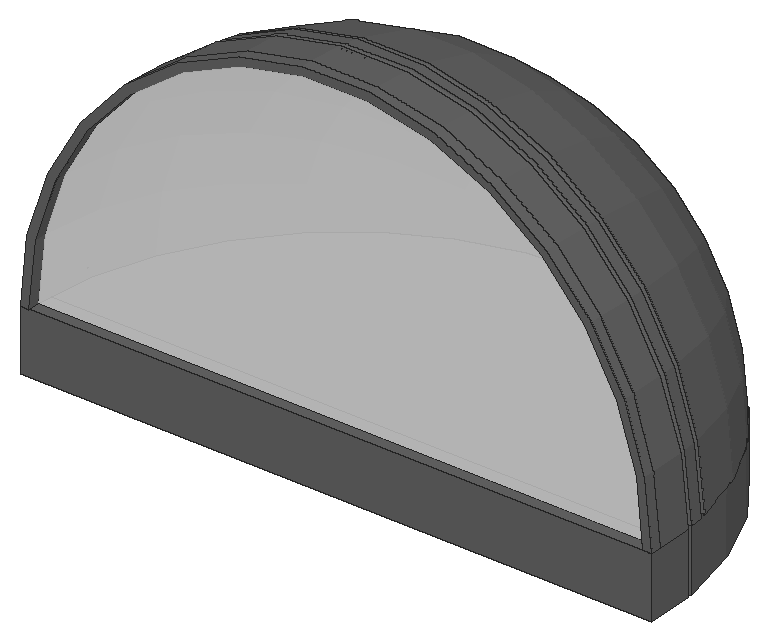
Revit family "QSP1", category Lighting Fixtures, host Face, Revit 2012
Parameters (values of type "QSP BK")
  Wattage Comments = "15W/20W/30W"  # constant formula
  Wattage = 36 W
  built-in parameter 1150110 = 1 (stored number, unit not read)
  Voltage = 120 V
  URL = "http://www.hubbelloutdoor.com/"
  built-in parameter 1114217 = 1 (stored number, unit not read)
  Tilt Angle = -90.00°
  built-in parameter 1150109 = 1 (stored number, unit not read)
  built-in parameter 1150134 = 3
  built-in parameter 1150113 = 1 (stored number, unit not read)
  Product Page URL = "http://www.hubbelloutdoor.com/products/qsp_quarter_sphere"
  Product Documentation Link = "http://cdn.hubbelloutdoor.com/content/products/specs/specs_files/qsp_rdi_trp_specsheet_hid.pdf"
  Photometric Web File = "RDI 42F WT TRP RTP QSP.ies"
  Photometric Link = "http://www.hubbelloutdoor.com/products/qsp_quarter_sphere"
  Model = "QSP1"  # constant formula
  Manufacturer Phone = "(864)-678-1000"  # constant formula
  Manufacturer Fax = "(864)-678-1065"  # constant formula
  Manufacturer = "Hubbell Outdoor"  # constant formula
  built-in parameter 1150105 = 425.54 (stored number, unit not read)
  Lumens = 5347.51 lm
  built-in parameter 1150115 = 1 (stored number, unit not read)
  Load Classification = Lighting
  built-in parameter 1150137 = (empty or 0)
  built-in parameter 1150139 = (empty or 0)
  built-in parameter 1150112 = 1 (stored number, unit not read)
  built-in parameter 1150114 = 1 (stored number, unit not read)
  Lamp = "LED"  # constant formula
  Opal lens = Etched Glass
  built-in parameter 1150132 = (empty or 0)
  built-in parameter 1150102 = (empty or 0)
  built-in parameter 1150107 = 3200 (stored number, unit not read)
  built-in parameter 1150138 = (empty or 0)
  built-in parameter 1150106 = 4.2554 (stored number, unit not read)
  Emit from Circle Diameter = 6"  # constant formula
  Emit Shape Visible in Rendering = no
  built-in parameter 1150104 = 13.8 (stored number, unit not read)
  Dimming Lamp Color Temperature Shift = <None>
  Description = "Architectural wallpack in two stylish shapes."  # constant formula
  Default Elevation = 48"
  Finish = Black
  Color Filter = 16777215
  built-in parameter 1114218 = 1 (stored number, unit not read)
  built-in parameter 1150133 = 10 (stored number, unit not read)
  Apparent Load = 0 VA
Types (6): name | Finish
  (no name) | Black
  QSP PS | Platinum
  QSP BK | Black
  QSP GR | Gray
  QSP WH | White
  QSP DB | Bronze
Reference planes (in)
  plane 1 "Center (Front/Back)": y = 2
  plane 2: z = 0
  plane 3 "Center (Left/Right)": x = 0
  plane 4: x = -6.545
  plane 5: x = 6.545
  plane 6: z = 7.81
  plane 7: y = -4.79
  plane 8: z = 1.265
Forms (in)
  Revolve 1, solid, material "Black" <- "Finish"
    sketch origin (0, 0, 0) x (0, 1, 0) y (0, 0, 1)
      loop
        line (1.81608, 1.265) -> (1.9953, 1.265)
        arc (1.9953, 1.265) -> (0.51277, 5.4133) -> (-3.26319, 7.68231) r 6.545
        arc (-3.26319, 7.68231) -> (-3.34076, 7.6298) -> (-3.39367, 7.7071) r 0.06641
        arc (-3.39367, 7.7071) -> (-3.53645, 7.73109) -> (-3.67972, 7.75192) r 6.545
        arc (-3.67972, 7.75192) -> (-3.75586, 7.69188) -> (-3.8151, 7.76864) r 0.06821
        arc (-3.8151, 7.76864) -> (-4.18182, 7.79965) -> (-4.5497, 7.81) r 6.545
        line (-4.5497, 7.81) -> (-4.79, 7.81) -> (-4.79, 7.63078) -> (-4.5497, 7.63078)
        arc (-4.5497, 7.63078) -> (-0.04841, 5.76629) -> (1.81608, 1.265) r 6.36578
      axis (1.9953, 1.265) -> (-4.79, 1.265)
    angle from -90 to 90
  Extrusion 2, solid, material "Black" <- "Finish"
    sketch origin (0, 0, 0) x (1, 0, 0) y (0, 1, 0)
      loop
        arc (-6.48692, -3.67972) -> (-6.44364, -3.75379) -> (-6.50364, -3.8151) r 0.07072
        arc (-6.50364, -3.8151) -> (-6.54031, -4.30186) -> (-6.54059, -4.79) r 6.545
        line (-6.54059, -4.79) -> (6.54059, -4.79)
        arc (6.54059, -4.79) -> (6.54031, -4.30186) -> (6.50364, -3.8151) r 6.545
        arc (6.50364, -3.8151) -> (6.44364, -3.75379) -> (6.48692, -3.67972) r 0.07072
        arc (6.48692, -3.67972) -> (4.27423, 0.40691) -> (-0.09333, 1.99463) r 6.545
        arc (-0.09333, 1.99463) -> (-4.18429, 0.48306) -> (-6.41731, -3.26319) r 6.545
        arc (-6.41731, -3.26319) -> (-6.3648, -3.34076) -> (-6.4421, -3.39367) r 0.06641
        arc (-6.4421, -3.39367) -> (-6.46609, -3.53645) -> (-6.48692, -3.67972) r 6.545
    from 0 to 1.265
  Extrusion 3, solid, material "Etched Glass" <- "Opal lens"
    sketch origin (0, 2, 0) x (1, 0, 0) y (0, 0, 1)
      loop
        arc (6.36578, 1.265) -> (0, 7.63078) -> (-6.36578, 1.265) r 6.36578
        line (-6.36578, 1.265) -> (6.36578, 1.265)
    from 6.25658 to 6.55543
Dimensions and locks (in)
  equal spacing: plane 4, plane 3 "Center (Left/Right)", plane 5
  locked: plane 4 to plane 5 at 13.09
  plane 6 to plane 2 = 7.81"
  plane 7 to plane 1 "Center (Front/Back)" = 6.79"
  plane 6 to plane 8 = 6.545"
  aligned and locked: plane 2 to host face
  aligned and locked: level to host face
  aligned and locked: Extrusion 2 to level
Automatic sketch dimensions
  host sketch curve to host sketch curve = 96"  (x2)
  Extrusion 2 sketch curve to plane 4 = 0.00441"
  Extrusion 2 sketch curve to plane 5 = 0.00441"
  Extrusion 2 sketch curve to plane 4 = 0.05808"
  plane 1 "Center (Front/Back)" to Extrusion 2 sketch curve = 0.00537"
  Extrusion 2 sketch curve to Extrusion 2 sketch curve = 0"  (x8)
  Extrusion 2 sketch curve to plane 4 = 0.03118"
  Extrusion 2 sketch curve to plane 4 = 0.04136"
  Extrusion 2 sketch curve to plane 5 = 0.05808"
  Extrusion 2 sketch curve to plane 5 = 0.04136"
  Extrusion 2 sketch curve to Extrusion 2 sketch curve = 0.13538"
  plane 7 to Extrusion 2 sketch curve = 0"
  Extrusion 2 sketch curve to plane 5 = 0.03118"
  Extrusion 2 sketch curve to plane 3 "Center (Left/Right)" = 0"
  Extrusion 2 sketch curve to plane 3 "Center (Left/Right)" = 0.09333"
  Extrusion 3 sketch curve to plane 3 "Center (Left/Right)" = 0"
  Extrusion 3 sketch curve to plane 5 = 0.17922"
  level to Extrusion 3 sketch curve = 1.265"
  Revolve 1 sketch curve to Revolve 1 sketch curve = 0"  (x6)
  Revolve 1 sketch curve to plane 7 = 0"
  Revolve 1 sketch curve to plane 6 = 0"
  Revolve 1 sketch curve to plane 8 = 0"  (x2)
  Revolve 1 sketch curve to plane 6 = 0.04136"
  Revolve 1 sketch curve to plane 6 = 0.05042"
  Revolve 1 sketch curve to Revolve 1 sketch curve = 0.0676"
  Revolve 1 sketch curve to plane 6 = 0.05808"
  Revolve 1 sketch curve to plane 6 = 0.11496"
  Revolve 1 sketch curve to Revolve 1 sketch curve = 1.79217"
  Revolve 1 sketch curve to Revolve 1 sketch curve = 1.97139"
  Revolve 1 sketch curve to Revolve 1 sketch curve = 0.17922"
  Revolve 1 sketch curve to Revolve 1 sketch curve = 0.06518"
  Revolve 1 sketch curve to Revolve 1 sketch curve = 0.0653"
  plane 1 "Center (Front/Back)" to Revolve 1 sketch curve = 0.18392"
  Extrusion 2 sketch curve to plane 4 = 0.1029"
  Extrusion 2 sketch curve to Extrusion 2 sketch curve = 0.01206"
  Extrusion 2 sketch curve to Extrusion 2 sketch curve = 0.01272"
  Extrusion 2 sketch curve to Extrusion 2 sketch curve = 0.06518"
  radius of Revolve 1 sketch curve = 17/256"
Connectors (in)
  electrical at (0, 0, 0), driven by "Voltage", driven by "Apparent Load", driven by "Load Classification"
    settings: index 1, voltage 120 V, apparent load 0 VA, apparent load phase1 0 VA, apparent load phase2 0 VA, apparent load phase3 0 VA, power factor 1, load classification "Lighting", number of poles 1, system type 30, power factor state 1, is connector primary yes, connector utility no, sub classification motor no, connector description "Electrical Connector"
